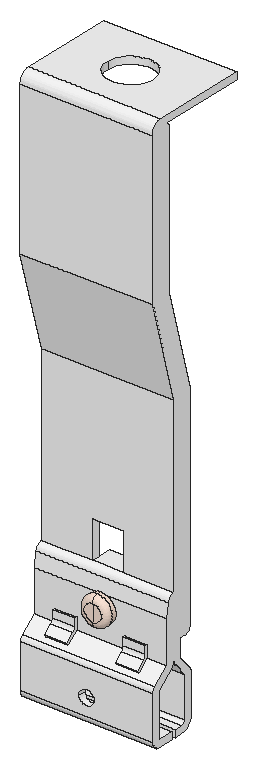
Revit family "zikazurihanger_etbar_7", category 機械設備, Revit 2022
Family settings
  丸型コネクタ寸法 = 直径を使用
  種別 = なし
  パーツ タイプ = 標準
  作業面ベース = いいえ
  常に垂直 = はい
  ロード時にボイドで切り取り = いいえ
  注釈の向きを維持 = いいえ
  共有 = いいえ
  部屋計算ポイント = いいえ
Parameters
  製造元 = "株式会社桐井製作所"
  既定の高さ = 0 mm
  URL = "https://www.kirii.co.jp/"
  K_材質 = "溶融亜鉛めっき鋼板及び鋼帯 SGHC 一般用"
  K_品名 = "eTバー直吊りハンガー7mm用"
  K_名称 = "ハンガー"
  K_入数 = "250"
  K_備考 = "対象Tバー：eT4025、eAT4025"
  K_バージョン情報 = "20220915"
  K_めっき付着量 = "Z12"
  K_JIS規格 = "JIS G 3302"
Reference planes
  plane 1 "中心(正面/背面)": y = 0
  plane 2: z = 0
  plane 3 "中心(左/右)": x = 0
Forms (mm)
  Extrusion 1, solid, material "05吊り材"
    sketch origin (0, 0, 0) x (0, 1, 0) y (0, 0, 1)
      loop
        line (0, 53.176) -> (-6.15, 75.176) -> (-6.15, 109.256)
        arc (-6.15, 109.256) -> (-5.857, 109.963) -> (-5.15, 110.256) r 1
        line (-5.15, 110.256) -> (16, 110.256) -> (16, 111.856) -> (-5.35, 111.856)
        arc (-5.35, 111.856) -> (-7.047, 111.153) -> (-7.75, 109.456) r 2.4
        line (-7.75, 109.456) -> (-7.75, 74.956) -> (-1.6, 52.956) -> (-1.6, 0)
        arc (-1.6, 0) -> (-1.498, -0.561) -> (-1.207, -1.051) r 1.6
        line (-1.207, -1.051) -> (1.4, -4.044) -> (1.4, -13.244)
        arc (1.4, -13.244) -> (1.166, -13.809) -> (0.6, -14.044) r 0.8
        line (0.6, -14.044) -> (-1.3, -14.044) -> (-1.3, -15.644) -> (0.6, -15.644)
        arc (0.6, -15.644) -> (2.297, -14.941) -> (3, -13.244) r 2.4
        line (3, -13.244) -> (3, -4.044)
        arc (3, -4.044) -> (2.898, -3.483) -> (2.607, -2.993) r 1.6
        line (2.607, -2.993) -> (0, 0) -> (0, 3.956) -> (0, 53.176)
    from -15 to 15
  Extrusion 2, void
    sketch origin (0, 7.6, 0) x (1, 0, 0) y (0, 0, 1)
      loop
        circle (0, -10.111) r 1.75
    from 4.6 to 6.2
  Extrusion 3, void
    sketch origin (0, 0, 0) x (1, 0, 0) y (0, 0, 1)
      loop
        circle (0, 6.373) r 2.5
    from 0 to 3.638
  Extrusion 4, void
    sketch origin (0, 0, 0) x (1, 0, 0) y (0, 0, 1)
      loop
        circle (0, -10.1) r 1.75
    from 6.038 to 7.638
  Extrusion 5, solid, material "05吊り材"
    sketch origin (0, 0, 0) x (0, 1, 0) y (0, 0, 1)
      loop
        arc (-4.2, 0.973) -> (-4.302, 0.412) -> (-4.593, -0.077) r 1.6
        line (-4.593, -0.077) -> (-6.404, -1.582) -> (-5.886, -2.221) -> (-3.2, -0.044) -> (-3.2, 2.617) -> (-4.2, 2.617) -> (-4.2, 0.973)
      loop
        line (1, 0.973) -> (1, 2.617) -> (0, 2.617) -> (0, 0) -> (1.995, -2.291) -> (2.704, -1.582) -> (1.393, -0.077)
        arc (1.393, -0.077) -> (1.102, 0.412) -> (1, 0.973) r 1.6
    from 5.5 to 10.5
  Extrusion 6, solid, material "05吊り材"
    sketch origin (-16, 0, 0) x (0, 1, 0) y (0, 0, 1)
      loop
        arc (-4.2, 0.973) -> (-4.302, 0.412) -> (-4.593, -0.077) r 1.6
        line (-4.593, -0.077) -> (-6.404, -1.582) -> (-5.886, -2.221) -> (-3.2, -0.044) -> (-3.2, 2.617) -> (-4.2, 2.617) -> (-4.2, 0.973)
      loop
        line (1, 0.973) -> (1, 2.617) -> (0, 2.617) -> (0, 0) -> (1.995, -2.291) -> (2.704, -1.582) -> (1.393, -0.077)
        arc (1.393, -0.077) -> (1.102, 0.412) -> (1, 0.973) r 1.6
    from 5.5 to 10.5
  Extrusion 7, void
    sketch origin (0, 0, 0) x (1, 0, 0) y (0, 1, 0)
      loop
        circle (0, 4.75) r 5.25
    from 110.256 to 111.856
  Extrusion 8, void
    sketch origin (0, 0, 0) x (1, 0, 0) y (0, 0, 1)
      loop
        line (-3.5, 22.356) -> (-3.5, 13.956) -> (3.5, 13.956) -> (3.5, 22.356) -> (-3.5, 22.356)
    from 0 to 1.6
  Extrusion 9, solid, material "05吊り材"
    sketch origin (-15, 0, 0) x (0, 1, 0) y (0, 0, 1)
      loop
        arc (-5.15, 110.256) -> (-5.857, 109.963) -> (-6.15, 109.256) r 1
        line (-6.15, 109.256) -> (-6.15, 75.176) -> (0, 53.176) -> (0, 3.956) -> (1.3, 3.956)
        arc (1.3, 3.956) -> (2.431, 4.425) -> (2.9, 5.556) r 1.6
        line (2.9, 5.556) -> (2.9, 53.573) -> (-3.25, 75.573) -> (-3.25, 109.692)
        arc (-3.25, 109.692) -> (-3.619, 110.104) -> (-4.15, 110.256) r 1
        line (-4.15, 110.256) -> (-5.15, 110.256)
    from 0 to 1.6
  Extrusion 10, solid, material "05吊り材"
    sketch origin (13.4, 0, 0) x (0, 1, 0) y (0, 0, 1)
      loop
        arc (-5.15, 110.256) -> (-5.857, 109.963) -> (-6.15, 109.256) r 1
        line (-6.15, 109.256) -> (-6.15, 75.176) -> (0, 53.176) -> (0, 3.956) -> (1.3, 3.956)
        arc (1.3, 3.956) -> (2.431, 4.425) -> (2.9, 5.556) r 1.6
        line (2.9, 5.556) -> (2.9, 53.573) -> (-3.25, 75.573) -> (-3.25, 109.692)
        arc (-3.25, 109.692) -> (-3.619, 110.104) -> (-4.15, 110.256) r 1
        line (-4.15, 110.256) -> (-5.15, 110.256)
    from 0 to 1.6
  Extrusion 11, void
    sketch origin (0, -0.434, 0) x (1, 0, 0) y (0, 0, 1)
      loop
        line (-15, 13.956) -> (-15, 12.356) -> (-3.5, 12.356) -> (-3.5, 13.956) -> (-15, 13.956)
      loop
        line (3.5, 13.956) -> (3.5, 12.356) -> (15, 12.356) -> (15, 13.956) -> (3.5, 13.956)
    from -3.8 to 1.204
  Extrusion 12, solid, material "05吊り材"
    sketch origin (0, -0.438, 0) x (0, 1, 0) y (0, 0, 1)
      loop
        line (-1.6, 0) -> (-1.6, 9.356) -> (-1.2, 12.356) -> (3.8, 12.356) -> (3.8, 13.956) -> (-1.186, 13.956)
        arc (-1.186, 13.956) -> (-2.24, 13.56) -> (-2.772, 12.568) r 1.6
        line (-2.772, 12.568) -> (-3.2, 9.356) -> (-3.2, -0.044) -> (-6.7, -2.882)
        arc (-6.7, -2.882) -> (-7.07, -3.411) -> (-7.2, -4.044) r 1.6
        line (-7.2, -4.044) -> (-7.2, -14.044)
        arc (-7.2, -14.044) -> (-6.731, -15.175) -> (-5.6, -15.644) r 1.6
        line (-5.6, -15.644) -> (-1.9, -15.644) -> (-1.9, -14.044) -> (-5.6, -14.044) -> (-5.6, -4.044) -> (-1.993, -1.051)
        arc (-1.993, -1.051) -> (-1.702, -0.561) -> (-1.6, 0) r 1.6
    from -15 to 15
  Extrusion 13, solid, material "アルミニウム"
    sketch origin (0, 0, -0.063) x (1, 0, 0) y (0, 0, 1)
      loop
        circle (0, 6.436) r 4.1
      loop
        circle (0, 6.436) r 2.499
    from -1.3 to 0
Cuts and joins
  Extrusion 2, Extrusion 3, Extrusion 4, Extrusion 7, Extrusion 8 cuts Extrusion 1
  Extrusion 3, Extrusion 4, Extrusion 11 cuts Extrusion 12
  joined: Extrusion 1, Extrusion 5, Extrusion 6, Extrusion 9, Extrusion 10, Extrusion 12
Dimensions and locks
  aligned and locked: level to plane 2
Nested families
  nested 1: "直吊りハンガー用ビス" at (0.011, -3.638, 6.339), type "直吊りハンガー用ビス"
Definition of nested family "直吊りハンガー用ビス"
  Parameters (values of type "直吊りハンガー用ビス")
    Manufacturer = "株式会社桐井製作所"
    Default Elevation = 0 mm
    URL = "https://www.kirii.co.jp/"
    K_名称 = "M6×25ボルト"
  Reference planes
    plane 1 "中心(正面/背面)": y = 0
    plane 2: z = 0
    plane 3 "中心(左/右)": x = 0
    plane 4 "正面": y = -5
  Forms (mm)
    Extrusion 1, solid
      sketch origin (0, 0, 0.234) x (1, 0, 0) y (0, 0, 1)
        loop
          circle (-0.011, -0.2) r 2.5
      from 0 to -5
    Revolve 2, solid
      sketch origin (0, 0, 0) x (0, 1, 0) y (0, 0, 1)
        loop
          line (0, 0) -> (-2.299, 0) -> (-2.299, -1.966)
          arc (-2.299, -1.966) -> (-1.904, -2.921) -> (-0.949, -3.316) r 1.35
          line (-0.949, -3.316) -> (0, -3.316) -> (0, 0)
        axis (0, 0) -> (-2.299, 0)
      angle from 0 to 360
  Cuts and joins
    joined: Extrusion 1, Revolve 2
  Dimensions and locks
    aligned and locked: level to plane 2
